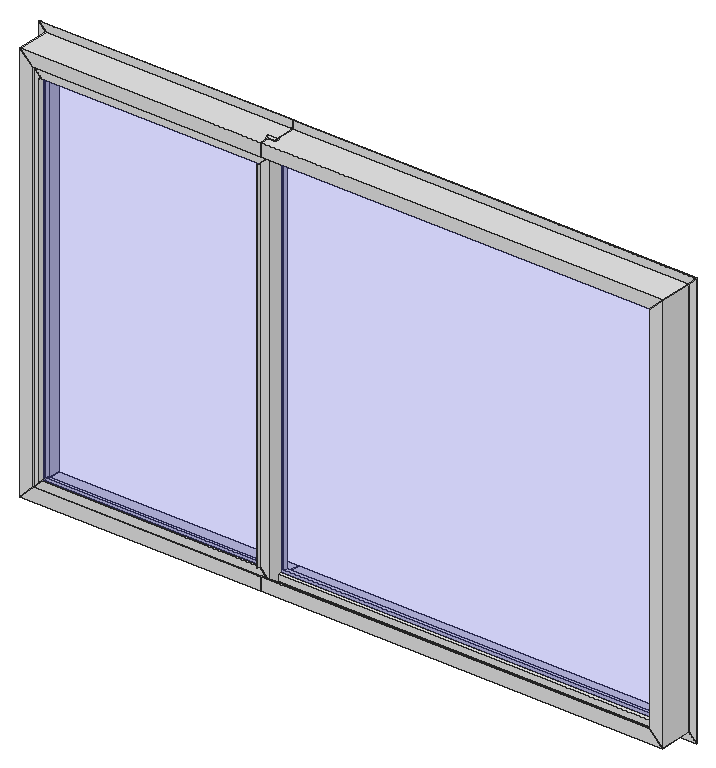
Revit family "531_OX_1-DBF_nailfin", category Windows, host Wall, Revit 2019
Family settings
  Host = Wall
  OmniClass Number = 23.30.20.00
  OmniClass Title = Windows
  Always vertical = Yes
  Cut with Voids When Loaded = No
  Shared = No
  Room Calculation Point = No
Parameters (values of type "96x60Max")
  Setback [instance] = 2"
  MLW2 = 1 / 2 * Bar Set  # 18"
  MLW = 1 / 8 * (Width - Bar Set)  # 7 1/2"
  Interior Color [instance] = White
  Height = 60"
  Exterior Color [instance] = White
  Default Sill Height = 31.49606"
  Wall Closure = By host
  Width = 96"
  Bar Set = 36"
Types (88): name | MLW2 | MLW | Height | Width | Bar Set
  (no name) | 18" | 7 1/2" | 60" | 96" | 36"
  36x24 | 9" | 2 1/4" | 24" | 36" | 18"
  60x48 | 15" | 3 3/4" | 48" | 60" | 30"
  24x12Min | 6" | 1 1/2" | 12" | 24" | 12"
  72x36 | 18" | 4 1/2" | 60" | 72" | 36"
  96x60Max | 18" | 7 1/2" | 60" | 96" | 36"
  48x36 | 12" | 3" | 36" | 48" | 24"
  84x48 | 18" | 6" | 48" | 84" | 36"
  24x18 | 6" | 1 1/2" | 18" | 24" | 12"
  24x24 | 6" | 1 1/2" | 24" | 24" | 12"
  24x30 | 6" | 1 1/2" | 30" | 24" | 12"
  24x36 | 6" | 1 1/2" | 36" | 24" | 12"
  24x42 | 6" | 1 1/2" | 42" | 24" | 12"
  30x12 | 6" | 2 1/4" | 12" | 30" | 12"
  30x18 | 6" | 2 1/4" | 18" | 30" | 12"
  30x24 | 6" | 2 1/4" | 24" | 30" | 12"
  30x30 | 6" | 2 1/4" | 30" | 30" | 12"
  30x36 | 6" | 2 1/4" | 36" | 30" | 12"
  30x42 | 6" | 2 1/4" | 42" | 30" | 12"
  30x48 | 6" | 2 1/4" | 48" | 30" | 12"
  30x54 | 6" | 2 1/4" | 54" | 30" | 12"
  30x60 | 6" | 2 1/4" | 60" | 30" | 12"
  36x12 | 9" | 2 1/4" | 12" | 36" | 18"
  36x18 | 9" | 2 1/4" | 18" | 36" | 18"
  36x30 | 9" | 2 1/4" | 30" | 36" | 18"
  36x36 | 9" | 2 1/4" | 36" | 36" | 18"
  36x42 | 9" | 2 1/4" | 42" | 36" | 18"
  36x48 | 9" | 2 1/4" | 48" | 36" | 18"
  36x54 | 9" | 2 1/4" | 54" | 36" | 18"
  36x60 | 9" | 2 1/4" | 60" | 36" | 18"
  42x12 | 9" | 3" | 12" | 42" | 18"
  42x18 | 9" | 3" | 18" | 42" | 18"
  42x24 | 9" | 3" | 24" | 42" | 18"
  42x30 | 9" | 3" | 30" | 42" | 18"
  42x36 | 9" | 3" | 36" | 42" | 18"
  42x42 | 9" | 3" | 42" | 42" | 18"
  42x48 | 9" | 3" | 48" | 42" | 18"
  42x54 | 9" | 3" | 54" | 42" | 18"
  42x60 | 9" | 3" | 60" | 42" | 18"
  48x12 | 12" | 3" | 12" | 48" | 24"
  48x18 | 12" | 3" | 18" | 48" | 24"
  48x24 | 12" | 3" | 24" | 48" | 24"
  48x30 | 12" | 3" | 30" | 48" | 24"
  48x42 | 12" | 3" | 42" | 48" | 24"
  48x48 | 12" | 3" | 48" | 48" | 24"
  48x54 | 12" | 3" | 54" | 48" | 24"
  48x60 | 12" | 3" | 60" | 48" | 24"
  54x18 | 12" | 3 3/4" | 18" | 54" | 24"
  54x24 | 12" | 3 3/4" | 24" | 54" | 24"
  54x30 | 12" | 3 3/4" | 30" | 54" | 24"
  54x36 | 12" | 3 3/4" | 36" | 54" | 24"
  54x42 | 12" | 3 3/4" | 42" | 54" | 24"
  54x48 | 12" | 3 3/4" | 48" | 54" | 24"
  54x54 | 12" | 3 3/4" | 54" | 54" | 24"
  54x60 | 12" | 3 3/4" | 60" | 54" | 24"
  60x24 | 15" | 3 3/4" | 24" | 60" | 30"
  60x30 | 15" | 3 3/4" | 30" | 60" | 30"
  60x36 | 15" | 3 3/4" | 36" | 60" | 30"
  60x42 | 15" | 3 3/4" | 42" | 60" | 30"
  60x54 | 15" | 3 3/4" | 54" | 60" | 30"
  60x60 | 15" | 3 3/4" | 60" | 60" | 30"
  66x36 | 15" | 4 1/2" | 36" | 66" | 30"
  66x42 | 15" | 4 1/2" | 42" | 66" | 30"
  66x48 | 15" | 4 1/2" | 48" | 66" | 30"
  66x54 | 15" | 4 1/2" | 54" | 66" | 30"
  66x60 | 15" | 4 1/2" | 60" | 66" | 30"
  72x42 | 18" | 4 1/2" | 42" | 72" | 36"
  72x48 | 18" | 4 1/2" | 48" | 72" | 36"
  72x54 | 18" | 4 1/2" | 54" | 72" | 36"
  72x60 | 18" | 4 1/2" | 60" | 72" | 36"
  78x36 | 18" | 5 1/4" | 36" | 78" | 36"
  78x42 | 18" | 5 1/4" | 42" | 78" | 36"
  78x48 | 18" | 5 1/4" | 48" | 78" | 36"
  78x54 | 18" | 5 1/4" | 54" | 78" | 36"
  78x60 | 18" | 5 1/4" | 60" | 78" | 36"
  84x36 | 18" | 6" | 36" | 84" | 36"
  84x42 | 18" | 6" | 42" | 84" | 36"
  84x54 | 18" | 6" | 54" | 84" | 36"
  84x60 | 18" | 6" | 60" | 84" | 36"
  90x36 | 18" | 6 3/4" | 36" | 90" | 36"
  90x42 | 18" | 6 3/4" | 42" | 90" | 36"
  90x48 | 18" | 6 3/4" | 48" | 90" | 36"
  90x54 | 18" | 6 3/4" | 54" | 90" | 36"
  90x60 | 18" | 6 3/4" | 60" | 90" | 36"
  96x36 | 18" | 7 1/2" | 36" | 96" | 36"
  96x42 | 18" | 7 1/2" | 42" | 96" | 36"
  96x48 | 18" | 7 1/2" | 48" | 96" | 36"
  96x54 | 18" | 7 1/2" | 54" | 96" | 36"
Reference planes (in)
  plane 1 "Center (Front/Back)": y = 0
  plane 2 "Center (Left/Right)": x = 0
  plane 3 "Left": x = -48
  plane 4 "Right": x = 48
  plane 5 "Sill": z = 31.49606
  plane 6 "Head": z = 91.49606
  plane 7 "Exterior": y = 3.93701
  plane 8 "Interior": y = -3.93701
  plane 9 "Front of wall": y = 3.93701
  plane 10 "Bar Set": x = -12
  plane 11: z = 34.04922
  plane 12: x = -45.48299
  plane 13: x = -11.87537
  plane 14: x = -11.3771
  plane 15: z = 88.9783
  plane 16: z = 90.10146
  plane 17: z = 32.89066
  plane 18: x = 46.6054
  plane 19: x = -11.25403
  plane 20 "Front of glass": y = 4.93055
  plane 21 "Setback": y = 1.93701
Forms (in)
  Extrusion 1, solid, material "White" <- "Interior Color"
    sketch origin (6, 0, 0) x (0, 0, -1) y (0, 1, 0)
      loop
        line (-31.49606, 1.93701) -> (-30.37106, 1.93701) -> (-30.37106, 2.01701) -> (-31.49606, 2.01701) -> (-31.49606, 3.01701) -> (-32.50653, 3.01701) -> (-32.7735, 0.47691) -> (-32.7735, -0.23299) -> (-32.64778, -0.23299) -> (-32.64778, -0.69299) -> (-33.39606, -0.69299) -> (-33.39606, -1.38299) -> (-34.49581, -1.38299) -> (-34.49581, -1.79649) -> (-34.05781, -1.79649) -> (-34.05781, -2.54049) -> (-34.55781, -2.54049) -> (-34.55781, -2.78227) -> (-33.39606, -2.78227) -> (-33.39606, -2.98299) -> (-31.49606, -2.98299) -> (-31.49606, 1.93701)
    from -17.14876 to -55.12494
  Extrusion 2, solid, material "White" <- "Interior Color"
    sketch origin (-12, 0, 0.07514) x (0, 0, -1) y (0, 1, 0)
      loop
        line (-91.42093, 1.93701) -> (-91.42093, -2.98299) -> (-89.52093, -2.98299) -> (-89.52093, -2.78299) -> (-88.35917, -2.78299) -> (-88.35917, -2.54049) -> (-88.85917, -2.54049) -> (-88.85917, -1.79649) -> (-88.42117, -1.79649) -> (-88.42117, -1.39309) -> (-89.52093, -1.39309) -> (-89.52093, -0.69299) -> (-90.26921, -0.69299) -> (-90.26921, -0.23299) -> (-90.14593, -0.23299) -> (-90.14593, 0.50013) -> (-90.41046, 3.01701) -> (-91.42093, 3.01701) -> (-91.42093, 2.01701) -> (-92.54593, 2.01701) -> (-92.54593, 1.93701) -> (-91.42093, 1.93701)
    from 0.87519 to -37.12494
  Extrusion 3, solid, material "White" <- "Interior Color"
    sketch origin (-12, 0, 0.07514) x (0, 0, -1) y (0, 1, 0)
      loop
        line (-91.42093, 1.93701) -> (-91.42093, -2.98299) -> (-89.52093, -2.98299) -> (-89.52093, -2.78299) -> (-90.39593, -2.78299) -> (-90.39593, -1.28299) -> (-89.52093, -1.28299) -> (-89.52093, -0.67049) -> (-90.02118, -0.67049) -> (-90.02118, 0.07351) -> (-89.58318, 0.07351) -> (-89.58318, 0.47691) -> (-90.14348, 0.47691) -> (-90.41046, 3.01701) -> (-91.42093, 3.01701) -> (-91.42093, 2.01701) -> (-92.54593, 2.01701) -> (-92.54593, 1.93701) -> (-91.42093, 1.93701)
    from 0 to 61.12494
  Extrusion 4, solid, material "White" <- "Interior Color"
    sketch origin (-12, 0, -0.07514) x (0, 0, -1) y (0, 1, 0)
      loop
        line (-31.5712, 1.93701) -> (-30.4462, 1.93701) -> (-30.4462, 2.01701) -> (-31.5712, 2.01701) -> (-31.5712, 3.01701) -> (-32.58167, 3.01701) -> (-32.84864, 0.47691) -> (-33.40895, 0.47691) -> (-33.40895, 0.07351) -> (-32.97095, 0.07351) -> (-32.97095, -0.67049) -> (-33.4712, -0.67049) -> (-33.4712, -1.28299) -> (-32.5962, -1.28299) -> (-32.5962, -2.78299) -> (-33.4712, -2.78299) -> (-33.4712, -2.98299) -> (-31.5712, -2.98299) -> (-31.5712, 1.93701)
    from 0 to 61.12494
  Extrusion 5, solid, material "White" <- "Interior Color"
    sketch origin (-0.07514, 0, 31.49606) x (0, -1, 0) y (1, 0, 0)
      loop
        line (-0.474, -46.64742) -> (-3.01701, -46.9149) -> (-3.01701, -47.92486) -> (-2.01701, -47.92486) -> (-2.01701, -49.05037) -> (-1.93701, -49.05037) -> (-1.93701, -47.92486) -> (2.98299, -47.92486) -> (2.98299, -46.02537) -> (2.78299, -46.02537) -> (2.78299, -44.97087) -> (3.15049, -44.97087) -> (3.22049, -44.90087) -> (2.54049, -44.90087) -> (2.54049, -45.36362) -> (1.79649, -45.36362) -> (1.79649, -44.92511) -> (1.38299, -44.92511) -> (1.38299, -46.02537) -> (0.69299, -46.02537) -> (0.69299, -46.77315) -> (0.23299, -46.77315) -> (0.23299, -46.64742) -> (-0.474, -46.64742)
    from -1.12494 to 61.12494
  Extrusion 6, solid, material "White" <- "Interior Color"
    sketch origin (0, 0, 31.49606) x (0, -1, 0) y (1, 0, 0)
      loop
        line (-0.07351, -11.3771) -> (-0.07351, -10.9404) -> (-0.47691, -10.9404) -> (-0.47691, -11.4686) -> (-0.48578, -11.50148) -> (-0.48578, -12.49852) -> (0.13238, -12.49852) -> (0.13238, -12.91229) -> (0.20716, -12.91229) -> (0.20716, -12.49852) -> (0.75553, -12.49852) -> (0.75553, -12.91229) -> (0.8303, -12.91229) -> (0.8303, -12.49852) -> (1.27897, -12.49852) -> (1.27897, -12.31207) -> (1.79649, -12.31207) -> (1.79649, -11.87537) -> (2.54049, -11.87537) -> (2.54049, -12.37389) -> (3.21865, -12.37389) -> (3.14886, -12.3041) -> (2.77452, -12.3041) -> (2.77452, -10.87834) -> (0.67049, -10.87834) -> (0.67049, -11.3771) -> (-0.07351, -11.3771)
    from 0 to 60
  Sweep 7, void
    path in 3D
      loop
        line (46.06142, 5.44341, 91.49606) -> (46.06142, -0.01092, 91.49606)
    profile origin (46.06142, 2.71624, 91.49606) x (1, 0, 0) y (0, 0, 1)
      loop
        line (4.10628, 2.1677) -> (-0.24862, 2.1677) -> (-0.24862, -1.83775) -> (0.66114, -1.83775) -> (0.66114, -1.27744) -> (4.10628, 2.1677)
  Sweep 8, void
    path in 3D
      loop
        line (46.06142, 5.44341, 91.49606) -> (46.06142, -0.01092, 91.49606)
    profile origin (46.06142, 2.71624, 91.49606) x (1, 0, 0) y (0, 0, 1)
      loop
        line (0.66114, -1.27744) -> (0.66114, -2) -> (3.91736, -2) -> (3.91736, 1.97878) -> (0.66114, -1.27744)
  Extrusion 9, solid, material "White" <- "Interior Color"
    sketch origin (0, 0, 31.49606) x (0, -1, 0) y (1, 0, 0)
      loop
        line (-0.47691, 46.72256) -> (-0.47691, 46.16225) -> (-0.07351, 46.16225) -> (-0.07351, 46.60025) -> (0.67049, 46.60025) -> (0.67049, 46.1) -> (1.28299, 46.1) -> (1.28299, 46.975) -> (2.78299, 46.975) -> (2.78299, 46.1) -> (2.98299, 46.1) -> (2.98299, 48) -> (-1.93701, 48) -> (-1.93701, 49.125) -> (-2.01701, 49.125) -> (-2.01701, 48) -> (-3.01701, 48) -> (-3.01701, 46.98953) -> (-0.47691, 46.72256)
    from -1.12494 to 61.12494
  Sweep 10, void
    path in 3D
      loop
        line (-13.19179, 4.90926, 91.49606) -> (-13.19179, -1.09074, 91.49606)
    profile origin (-13.19179, 1.90926, 91.49606) x (1, 0, 0) y (0, 0, 1)
      loop
        line (1.69031, -3.31946) -> (1.69031, -1.27744) -> (1.93776, -1.27744) -> (1.93776, 2.09797) -> (0.2795, 2.09797) -> (0.2795, -3.31946) -> (1.69031, -3.31946)
  Sweep 11, void
    path in 3D
      loop
        line (-13.19179, 4.90926, 91.49606) -> (-13.19179, -1.09074, 91.49606)
    profile origin (-13.19179, 1.90926, 91.49606) x (1, 0, 0) y (0, 0, 1)
      loop
        line (1.72319, -1.275) -> (1.72319, -1.83775) -> (2.3132, -1.83775) -> (2.3132, 1.47878) -> (0.07683, 1.47878) -> (0.07683, -1.275) -> (1.72319, -1.275)
  Sweep 12, void
    path in 3D
      loop
        line (-46.64198, 6.04333, 91.49606) -> (-46.64198, -1.5, 91.49606)
    profile origin (-46.64198, 2.27166, 91.49606) x (1, 0, 0) y (0, 0, 1)
      loop
        line (-2.85802, 1.5) -> (2.17752, -3.53553) -> (2.17752, 1.5) -> (-2.85802, 1.5)
  Sweep 13, void
    path in 3D
      loop
        line (-46.64198, 6.04333, 91.49606) -> (-46.64198, -1.5, 91.49606)
    profile origin (-46.64198, 2.27166, 91.49606) x (1, 0, 0) y (0, 0, 1)
      loop
        line (-3.2193, 1.86128) -> (-3.2193, -3.45917) -> (2.10115, -3.45917) -> (-3.2193, 1.86128)
  Sweep 14, void
    path in 3D
      loop
        line (-46.05033, 4.96713, 31.49606) -> (-46.05033, -1.89191, 31.49606)
    profile origin (-46.05033, 1.53761, 31.49606) x (1, 0, 0) y (0, 0, 1)
      loop
        line (-3.69967, -1.75) -> (1.67098, -1.75) -> (1.67098, 3.62064) -> (-3.69967, -1.75)
  Sweep 15, void
    path in 3D
      loop
        line (-46.05033, 4.96713, 31.49606) -> (-46.05033, -1.89191, 31.49606)
    profile origin (-46.05033, 1.53761, 31.49606) x (1, 0, 0) y (0, 0, 1)
      loop
        line (-3.68983, -1.74016) -> (1.7121, 3.66177) -> (-3.68983, 3.66177) -> (-3.68983, -1.74016)
  Sweep 16, void
    path in 3D
      loop
        line (-12.69179, 5.15926, 31.49606) -> (-12.69179, -1.09074, 31.49606)
    profile origin (-12.69179, 2.03426, 31.49606) x (1, 0, 0) y (0, 0, 1)
      loop
        line (1.19031, 1.27744) -> (1.19031, 1.99547) -> (-0.2205, 1.99547) -> (-0.2205, -1.72878) -> (1.54303, -1.72878) -> (1.54303, 1.27744) -> (1.19031, 1.27744)
  Sweep 17, void
    path in 3D
      loop
        line (-12.69179, 5.15926, 31.49606) -> (-12.69179, -1.09074, 31.49606)
    profile origin (-12.69179, 2.03426, 31.49606) x (1, 0, 0) y (0, 0, 1)
      loop
        line (1.8132, 1.83775) -> (1.22319, 1.83775) -> (1.22319, 1.27744) -> (-0.41456, 1.27744) -> (-0.41456, -1.34849) -> (1.8132, -1.34849) -> (1.8132, 1.83775)
  Sweep 18, void
    path in 3D
      loop
        line (46.34821, 4.85039, 31.49606) -> (46.34821, -0.14961, 31.49606)
    profile origin (46.34821, 2.35039, 31.49606) x (1, 0, 0) y (0, 0, 1)
      loop
        line (3.06949, -1.4177) -> (0.37435, 1.27744) -> (0.37435, 1.83775) -> (-0.68319, 1.83775) -> (-0.68319, -1.4177) -> (3.06949, -1.4177)
  Sweep 19, void
    path in 3D
      loop
        line (46.34821, 4.85039, 31.49606) -> (46.34821, -0.14961, 31.49606)
    profile origin (46.34821, 2.35039, 31.49606) x (1, 0, 0) y (0, 0, 1)
      loop
        line (3.38057, -1.72878) -> (3.38057, 2.17928) -> (0.37435, 2.17928) -> (0.37435, 1.27744) -> (3.38057, -1.72878)
  Extrusion 20, void
    sketch origin (0, 3.93701, 0) x (1, 0, 0) y (0, 0, 1)
      loop
        line (-49.74016, 93.23622) -> (-49.74016, 87.60698) -> (-44.11091, 87.60698) -> (-49.74016, 93.23622)
    from 5.43701 to 9.5793
  Extrusion 21, void
    sketch origin (0, 3.93701, 0) x (1, 0, 0) y (0, 0, 1)
      loop
        line (-50.25, 93.74606) -> (-44.51042, 88.00648) -> (-44.51042, 93.74606) -> (-50.25, 93.74606)
    from 5.43701 to 10.37312
  Extrusion 22, void
    sketch origin (0, 3.93701, 0) x (1, 0, 0) y (0, 0, 1)
      loop
        line (-44.44678, 35.04979) -> (-49.74065, 35.04979) -> (-49.74065, 29.75591) -> (-44.44678, 35.04979)
    from 5.82891 to 10.02414
  Extrusion 23, void
    sketch origin (0, 3.93701, 0) x (1, 0, 0) y (0, 0, 1)
      loop
        line (-43.94653, 35.54953) -> (-50, 29.49606) -> (-43.94653, 29.49606) -> (-43.94653, 35.54953)
    from 5.82891 to 9.71922
  Extrusion 24, void
    sketch origin (0, 3.93701, 0) x (1, 0, 0) y (0, 0, 1)
      loop
        line (-10.00403, 30.64043) -> (-10.00403, 34.8922) -> (-12.70828, 34.8922) -> (-11.21214, 33.39606) -> (-12, 33.39606) -> (-12, 30.64043) -> (-10.00403, 30.64043)
    from 5.6127 to 9.39367
  Extrusion 25, void
    sketch origin (0, 3.93701, 0) x (1, 0, 0) y (0, 0, 1)
      loop
        line (-11.05198, 91.6017) -> (-12, 91.6017) -> (-12, 89.59606) -> (-11.21214, 89.59606) -> (-12.86781, 87.94039) -> (-11.05198, 87.94039) -> (-11.05198, 91.6017)
    from 5.59231 to 10.59589
  Extrusion 26, void
    sketch origin (0, 3.93701, 0) x (1, 0, 0) y (0, 0, 1)
      loop
        line (-11.21214, 89.59606) -> (-9.75795, 89.59606) -> (-9.75795, 91.86079) -> (-13.00795, 91.86079) -> (-13.00795, 87.80025) -> (-11.21214, 89.59606)
    from 5.59231 to 9.9468
  Extrusion 27, void
    sketch origin (0, 3.93701, 0) x (1, 0, 0) y (0, 0, 1)
      loop
        line (45.78932, 89.28538) -> (49.74016, 89.28538) -> (49.74016, 93.23622) -> (45.78932, 89.28538)
    from 3.94793 to 10.28062
  Extrusion 28, void
    sketch origin (0, 3.93701, 0) x (1, 0, 0) y (0, 0, 1)
      loop
        line (49.75, 93.24606) -> (45.7019, 93.24606) -> (45.7019, 89.19797) -> (49.75, 93.24606)
    from 3.94793 to 9.02308
  Extrusion 29, void
    sketch origin (0, 3.93701, 0) x (1, 0, 0) y (0, 0, 1)
      loop
        line (45.70248, 33.79358) -> (45.70248, 29.67093) -> (49.82514, 29.67093) -> (45.70248, 33.79358)
    from 4.08661 to 10.77329
  Extrusion 30, void
    sketch origin (0, 3.93701, 0) x (1, 0, 0) y (0, 0, 1)
      loop
        line (50.00984, 29.48622) -> (50.00984, 33.86489) -> (45.63117, 33.86489) -> (50.00984, 29.48622)
    from 4.08661 to 10.09293
  Extrusion 31, solid, material "Glass"
    sketch origin (0, 0, 31.49606) x (0, -1, 0) y (1, 0, 0)
      loop
        line (2.54049, -45.43875) -> (2.54049, -11.87537) -> (1.79649, -11.87537) -> (1.79649, -45.43875) -> (2.54049, -45.43875)
    from 2.55315 to 57.43825
  Extrusion 32, solid, material "Glass"
    sketch origin (0, 0, 31.49606) x (0, -1, 0) y (1, 0, 0)
      loop
        line (0.67049, -11.3771) -> (0.67049, 46.6054) -> (-0.07351, 46.6054) -> (-0.07351, -11.3771) -> (0.67049, -11.3771)
    from 1.3946 to 58.6054
  Extrusion 33, void
    sketch origin (0, 3.93701, 0) x (1, 0, 0) y (0, 0, 1)
      loop
        line (-13.38581, 35.56974) -> (-13.38581, 31.14043) -> (-12, 31.14043) -> (-12, 33.39606) -> (-11.21214, 33.39606) -> (-13.38581, 35.56974)
    from 5.6127 to 10.37874
Cuts and joins
  Sweep 8, Sweep 10, Extrusion 27 cuts Extrusion 3
  Sweep 7, Sweep 18, Extrusion 28, Extrusion 29 cuts Extrusion 9
  Sweep 13, Extrusion 20, Extrusion 25 cuts Extrusion 2
  Sweep 11, Sweep 17, Extrusion 26, Extrusion 33 cuts Extrusion 6
  Sweep 12, Sweep 14, Extrusion 21, Extrusion 23 cuts Extrusion 5
  Sweep 15, Extrusion 22, Extrusion 24 cuts Extrusion 1
  Sweep 16, Sweep 19, Extrusion 30 cuts Extrusion 4
Lines and regions (in)
  Opening 1
    outline origin (137.79528, -3.93701, 0) x (1, 0, 0) y (0, 0, 1)
      loop
        line (-89.79528, 31.49606) -> (-89.79528, 91.49606) -> (-185.79528, 91.49606) -> (-185.79528, 31.49606) -> (-89.79528, 31.49606)
  reference lines
    curve 1: line (-46.64198, 6.04333, 91.49606) -> (-46.64198, -1.5, 91.49606)
    curve 2: line (-46.05033, 4.96713, 31.49606) -> (-46.05033, -1.89191, 31.49606)
    curve 3: line (-13.19179, 4.90926, 91.49606) -> (-13.19179, -1.09074, 91.49606)
    curve 4: line (-12.69179, 5.15926, 31.49606) -> (-12.69179, -1.09074, 31.49606)
    curve 5: line (46.06142, 5.44341, 91.49606) -> (46.06142, -0.01092, 91.49606)
    curve 6: line (46.34821, 4.85039, 31.49606) -> (46.34821, -0.14961, 31.49606)
    curve 22: line (20.5, 4.93055, 63.99606) -> (15.5, 4.93055, 63.99606)
    curve 23: line (20.5, 4.93055, 58.99606) -> (20.5, 4.93055, 63.99606)
    curve 24: line (15.5, 4.93055, 58.99606) -> (20.5, 4.93055, 58.99606)
    curve 25: line (15.5, 4.93055, 63.99606) -> (15.5, 4.93055, 58.99606)
    curve 29: line (18, 4.93055, 58.99606) -> (18, 4.93055, 65.49606)
    curve 30: line (20.5, 4.93055, 61.49606) -> (13, 4.93055, 61.49606)
    curve 34: line (20.5, 0, 63.99606) -> (15.5, 0, 63.99606)
    curve 35: line (20.5, 0, 58.99606) -> (20.5, 0, 63.99606)
    curve 36: line (15.5, 0, 58.99606) -> (20.5, 0, 58.99606)
    curve 37: line (15.5, 0, 63.99606) -> (15.5, 0, 58.99606)
    curve 38: line (18, 0, 58.99606) -> (18, 0, 66.49606)
    curve 39: line (20.5, 0, 61.49606) -> (13.5, 0, 61.49606)
  sketch lines
    curve 7: line (46.06142, 5.44341, 91.49606) -> (46.06142, -0.01092, 91.49606)
    curve 8: line (46.06142, 5.44341, 91.49606) -> (46.06142, -0.01092, 91.49606)
    curve 9: line (-13.19179, 4.90926, 91.49606) -> (-13.19179, -1.09074, 91.49606)
    curve 10: line (-13.19179, 4.90926, 91.49606) -> (-13.19179, -1.09074, 91.49606)
    curve 11: line (-46.64198, 6.04333, 91.49606) -> (-46.64198, -1.5, 91.49606)
    curve 12: line (-46.64198, 6.04333, 91.49606) -> (-46.64198, -1.5, 91.49606)
    curve 13: line (-46.05033, 4.96713, 31.49606) -> (-46.05033, -1.89191, 31.49606)
    curve 14: line (-46.05033, 4.96713, 31.49606) -> (-46.05033, -1.89191, 31.49606)
    curve 15: line (-12.69179, 5.15926, 31.49606) -> (-12.69179, -1.09074, 31.49606)
    curve 16: line (-12.69179, 5.15926, 31.49606) -> (-12.69179, -1.09074, 31.49606)
    curve 17: line (46.34821, 4.85039, 31.49606) -> (46.34821, -0.14961, 31.49606)
    curve 18: line (46.34821, 4.85039, 31.49606) -> (46.34821, -0.14961, 31.49606)
  model lines
    curve 19: line (-14.73113, 1.93701, 61.49606) -> (-44.23113, 1.93701, 61.49606)
    curve 20: line (-14.73113, 1.93701, 61.49606) -> (-20.03443, 1.93701, 66.79936)
    curve 21: line (-14.73113, 1.93701, 61.49606) -> (-20.03443, 1.93701, 56.19276)
    curve 26: line (20.5, 1.93701, 63.99606) -> (15.5, 1.93701, 58.99606)
    curve 27: line (15.5, 1.93701, 61.49606) -> (18, 1.93701, 63.99606)
    curve 28: line (18, 1.93701, 58.99606) -> (20.5, 1.93701, 61.49606)
  symbolic lines
    curve 31: line (-14.73113, 3.93701, 61.49606) -> (-44.23113, 3.93701, 61.49606)
    curve 32: line (-14.73113, 3.93701, 61.49606) -> (-20.03443, 3.93701, 66.79936)
    curve 33: line (-14.73113, 3.93701, 61.49606) -> (-20.03443, 3.93701, 56.19276)
    curve 40: line (18, 0, 58.99606) -> (20.5, 0, 61.49606)
    curve 41: line (18, 0, 63.99606) -> (15.5, 0, 61.49606)
    curve 42: line (15.5, 4.93055, 58.99606) -> (20.5, 4.93055, 63.99606)
Text (in)
  text "EXTERIOR" at (-77.29147, 52.45485, 0), in view "Ref. Level"
  text "INTERIOR" at (-78.01048, -32.21994, 0), in view "Ref. Level"
  text "Exterior" at (0, 36.36817, 115.8778), in view "Right"
  text "Exterior" at (0, 40.96394, 105.72475), in view "Left"
Dimensions and locks (in)
  equal spacing: plane 3 "Left", plane 2 "Center (Left/Right)", plane 4 "Right"
  "Width": plane 3 "Left" to plane 4 "Right"
  "Height": plane 5 "Sill" to plane 6 "Head"
  "Default Sill Height": plane 5 "Sill" to level
  locked: plane 7 "Exterior" to host wall at 0
  locked: plane 8 "Interior" to host wall
  "Bar Set": plane 10 "Bar Set" to plane 3 "Left"
  locked: plane 5 "Sill" to plane 11 at 2.55315
  locked: plane 10 "Bar Set" to plane 14 at 0.6229
  locked: plane 10 "Bar Set" to plane 13 at 0.12463
  locked: plane 3 "Left" to plane 12 at 2.51701
  locked: Extrusion 6 sketch curve to plane 10 "Bar Set" at 0.49852  (x3)
  locked: Extrusion 6 sketch curve to Extrusion 6 sketch curve at 1.42576
  locked: plane 15 to plane 6 "Head" at 2.51776
  locked: plane 16 to plane 6 "Head" at 1.3946
  locked: plane 5 "Sill" to plane 17 at 1.3946
  locked: plane 18 to plane 4 "Right" at 1.3946
  locked: plane 19 to plane 10 "Bar Set" at 0.74597
  plane 5 "Sill" to plane 6 "Head" = 60"  (x2)
  equal spacing: plane 5 "Sill", curve 19, plane 6 "Head"
  locked: plane 20 "Front of glass" to plane 9 "Front of wall" at 0.99354
  plane 10 "Bar Set" to plane 4 "Right" = 60"
  "MLW": curve 21 to curve 20
  "MLW": curve 21 to curve 21
  locked: plane 10 "Bar Set" to curve 21 at 2.73113
  locked: plane 3 "Left" to curve 19 at 3.76887
  equal spacing: curve 27, curve 26, curve 28
  locked: curve 23 to curve 25 at 5
  locked: curve 24 to curve 22 at 5
  equal spacing: curve 25, curve 29, curve 23
  equal spacing: curve 24, curve 30, curve 22
  equal spacing: plane 5 "Sill", curve 30, plane 6 "Head"
  equal spacing: plane 10 "Bar Set", curve 29, plane 4 "Right"
  locked: curve 35 to curve 37 at 5
  locked: curve 36 to curve 34 at 5
  equal spacing: curve 37, curve 38, curve 35
  equal spacing: curve 36, curve 39, curve 34
  locked: curve 37 to curve 41 at 2.5
  locked: curve 37 to curve 40 at 2.5
  locked: curve 40 to curve 36 at 2.5
  locked: curve 41 to curve 36 at 2.5
  equal spacing: plane 6 "Head", curve 39, plane 5 "Sill"
  equal spacing: plane 10 "Bar Set", curve 38, plane 4 "Right"
  locked: Sweep 17 sketch curve to plane 5 "Sill" at 1.34849
  locked: plane 5 "Sill" to Sweep 17 sketch curve at 1.27744
  locked: plane 5 "Sill" to Sweep 17 sketch curve at 1.83775
  locked: plane 10 "Bar Set" to Sweep 17 sketch curve at 1.10635
  locked: Sweep 17 sketch curve to plane 10 "Bar Set" at 0.5314
  locked: Sweep 17 sketch curve to plane 10 "Bar Set" at 1.12141
  Sweep 16 sketch curve to plane 10 "Bar Set" = 0.85124"
  locked: plane 10 "Bar Set" to Sweep 16 sketch curve at 0.91229
  locked: Sweep 16 sketch curve to plane 10 "Bar Set" at 0.49852
  locked: Sweep 16 sketch curve to plane 5 "Sill" at 1.72878
  locked: plane 5 "Sill" to Sweep 16 sketch curve at 1.99547
  locked: plane 5 "Sill" to Sweep 16 sketch curve at 1.27744
  locked: plane 6 "Head" to Sweep 10 sketch curve at 2.09797
  locked: Sweep 10 sketch curve to plane 6 "Head" at 3.31946
  locked: Sweep 10 sketch curve to plane 6 "Head" at 1.27744
  locked: plane 10 "Bar Set" to Sweep 10 sketch curve at 0.91229
  locked: Sweep 10 sketch curve to plane 10 "Bar Set" at 0.74597
  locked: Sweep 10 sketch curve to plane 10 "Bar Set" at 0.49852
  locked: Sweep 11 sketch curve to plane 10 "Bar Set" at 1.12141
  locked: plane 10 "Bar Set" to Sweep 11 sketch curve at 1.11496
  locked: Sweep 11 sketch curve to plane 10 "Bar Set" at 0.5314
  locked: plane 6 "Head" to Sweep 11 sketch curve at 1.47878
  locked: Sweep 11 sketch curve to plane 6 "Head" at 1.83775
  locked: Sweep 11 sketch curve to plane 6 "Head" at 1.275
  locked: cut or joined group of Extrusion 3, Sweep 8, Sweep 10, Extrusion 27 to plane 4 "Right" at 1.12494
  locked: plane 6 "Head" to cut or joined group of Sweep 7, Extrusion 9, Sweep 18, Extrusion 28, Extrusion 29 at 1.12494
  locked: plane 6 "Head" to cut or joined group of Extrusion 5, Sweep 12, Sweep 14, Extrusion 21, Extrusion 23 at 1.12494
  locked: cut or joined group of Extrusion 2, Sweep 13, Extrusion 20, Extrusion 25 to plane 3 "Left" at 1.12494
  locked: cut or joined group of Extrusion 1, Sweep 15, Extrusion 22, Extrusion 24 to plane 3 "Left" at 1.12494
  locked: cut or joined group of Extrusion 5, Sweep 12, Sweep 14, Extrusion 21, Extrusion 23 to plane 5 "Sill" at 1.12494
  locked: cut or joined group of Sweep 7, Extrusion 9, Sweep 18, Extrusion 28, Extrusion 29 to plane 5 "Sill" at 1.12494
  locked: plane 4 "Right" to cut or joined group of Extrusion 4, Sweep 16, Sweep 19, Extrusion 30 at 1.12494
  locked: Extrusion 6 sketch curve to plane 10 "Bar Set" at 0.91229  (x2)
  locked: Extrusion 6 sketch curve to plane 10 "Bar Set" at 0.31207
  locked: plane 10 "Bar Set" to Extrusion 6 sketch curve at 0.12463
  locked: Extrusion 6 sketch curve to plane 10 "Bar Set" at 0.37389
  locked: plane 10 "Bar Set" to Extrusion 6 sketch curve at 1.12166
  locked: plane 10 "Bar Set" to Extrusion 6 sketch curve at 0.6229
  plane 10 "Bar Set" to Extrusion 6 sketch curve = 1.0596"
  locked: plane 10 "Bar Set" to Extrusion 6 sketch curve at 1.0596
  locked: Extrusion 26 sketch curve to plane 10 "Bar Set" at 2.24205
  locked: plane 10 "Bar Set" to Extrusion 26 sketch curve at 1.00795
  locked: Extrusion 26 sketch curve to plane 10 "Bar Set" at 0.78786
  locked: Extrusion 26 sketch curve to plane 6 "Head" at 0.36472
  locked: plane 6 "Head" to Extrusion 26 sketch curve at 1.9
  locked: Extrusion 25 sketch curve to plane 10 "Bar Set" at 0.94802
  locked: plane 10 "Bar Set" to Extrusion 25 sketch curve at 0.86781
  locked: Extrusion 25 sketch curve to plane 10 "Bar Set" at 0.78786
  locked: Extrusion 25 sketch curve to plane 6 "Head" at 0.10564
  locked: plane 6 "Head" to Extrusion 25 sketch curve at 1.9
  locked: plane 6 "Head" to Extrusion 25 sketch curve at 3.55567
  locked: Extrusion 33 sketch curve to plane 10 "Bar Set" at 0.78786
  locked: plane 10 "Bar Set" to Extrusion 33 sketch curve at 1.38581
  locked: plane 5 "Sill" to Extrusion 33 sketch curve at 0.35564
  locked: Extrusion 33 sketch curve to plane 5 "Sill" at 1.9
  locked: Extrusion 33 sketch curve to plane 5 "Sill" at 4.07368
  locked: Extrusion 24 sketch curve to plane 10 "Bar Set" at 1.99597
  locked: Extrusion 24 sketch curve to plane 10 "Bar Set" at 0.78786
  locked: plane 10 "Bar Set" to Extrusion 24 sketch curve at 0.70828
  locked: Extrusion 24 sketch curve to plane 5 "Sill" at 3.39614
  locked: plane 5 "Sill" to Extrusion 24 sketch curve at 0.85564
  locked: Extrusion 24 sketch curve to plane 5 "Sill" at 1.9
  locked: Extrusion 9 sketch curve to plane 4 "Right" at 1.9  (x2)
  locked: Extrusion 9 sketch curve to plane 4 "Right" at 1.83775
  locked: plane 3 "Left" to Extrusion 5 sketch curve at 2.99975
  locked: plane 3 "Left" to Extrusion 5 sketch curve at 3.02399
  locked: plane 3 "Left" to Extrusion 5 sketch curve at 2.95399
  locked: plane 3 "Left" to Extrusion 5 sketch curve at 1.89949
  locked: Extrusion 2 sketch curve to plane 6 "Head" at 3.06175
  locked: Extrusion 2 sketch curve to plane 6 "Head" at 2.99975
  locked: Extrusion 2 sketch curve to plane 6 "Head" at 2.56175
  locked: plane 5 "Sill" to Extrusion 1 sketch curve at 2.99975
  locked: plane 5 "Sill" to Extrusion 1 sketch curve at 3.06175
  locked: plane 5 "Sill" to Extrusion 1 sketch curve at 2.56175
  locked: plane 5 "Sill" to Extrusion 1 sketch curve at 1.9  (x2)
  locked: Extrusion 3 sketch curve to plane 6 "Head" at 1.9  (x2)
  locked: Extrusion 3 sketch curve to plane 6 "Head" at 1.025
  locked: Extrusion 3 sketch curve to plane 6 "Head" at 1.39975
  locked: plane 5 "Sill" to Extrusion 4 sketch curve at 1.9  (x2)
  locked: plane 5 "Sill" to Extrusion 4 sketch curve at 1.83775
  locked: plane 5 "Sill" to Extrusion 4 sketch curve at 1.025
  curve 4 to plane 9 "Front of wall" = 5.02774"
  curve 1 to plane 9 "Front of wall" = 5.43701"
  locked: cut or joined group of Extrusion 1, Sweep 15, Extrusion 22, Extrusion 24 to plane 10 "Bar Set" at 0.85124
  locked: plane 6 "Head" to Extrusion 31 at 2.56175
  "Setback": plane 21 "Setback" to plane 9 "Front of wall"
  locked: Extrusion 5 sketch curve to plane 21 "Setback" at 0.08
  locked: Extrusion 5 sketch curve to plane 21 "Setback" at 1.08
  locked: plane 21 "Setback" to Extrusion 5 sketch curve at 1.46301
  locked: plane 21 "Setback" to Extrusion 5 sketch curve at 2.17
  locked: plane 21 "Setback" to Extrusion 5 sketch curve at 2.63
  locked: plane 21 "Setback" to Extrusion 5 sketch curve at 3.32
  locked: plane 21 "Setback" to Extrusion 5 sketch curve at 3.7335
  locked: plane 21 "Setback" to Extrusion 5 sketch curve at 4.4775
  locked: plane 21 "Setback" to Extrusion 5 sketch curve at 4.72
  locked: plane 21 "Setback" to Extrusion 5 sketch curve at 4.92
  locked: plane 21 "Setback" to Extrusion 5 sketch curve at 5.0875
  locked: plane 21 "Setback" to Extrusion 5 sketch curve at 5.1575
  locked: Extrusion 9 sketch curve to plane 21 "Setback" at 0.08
  locked: Extrusion 9 sketch curve to plane 21 "Setback" at 1.08
  locked: plane 21 "Setback" to Extrusion 9 sketch curve at 1.46009
  locked: plane 21 "Setback" to Extrusion 9 sketch curve at 1.8635
  locked: plane 21 "Setback" to Extrusion 9 sketch curve at 2.6075
  locked: plane 21 "Setback" to Extrusion 9 sketch curve at 3.22
  locked: plane 21 "Setback" to Extrusion 9 sketch curve at 4.72
  locked: plane 21 "Setback" to Extrusion 9 sketch curve at 4.92
  locked: cut or joined group of Sweep 7, Extrusion 9, Sweep 18, Extrusion 28, Extrusion 29 to plane 21 "Setback" at 0.08
  locked: Extrusion 2 sketch curve to plane 21 "Setback" at 1.08
  locked: Extrusion 2 sketch curve to plane 21 "Setback" at 0.08
  locked: plane 21 "Setback" to Extrusion 2 sketch curve at 1.43688
  locked: plane 21 "Setback" to Extrusion 2 sketch curve at 2.17
  locked: plane 21 "Setback" to Extrusion 2 sketch curve at 2.63
  locked: plane 21 "Setback" to Extrusion 2 sketch curve at 3.33009
  locked: plane 21 "Setback" to Extrusion 2 sketch curve at 3.7335
  locked: plane 21 "Setback" to Extrusion 2 sketch curve at 4.4775
  locked: plane 21 "Setback" to Extrusion 2 sketch curve at 4.72
  locked: plane 21 "Setback" to Extrusion 2 sketch curve at 4.92
  locked: Extrusion 3 sketch curve to plane 21 "Setback" at 0.08
  locked: Extrusion 3 sketch curve to plane 21 "Setback" at 1.08
  locked: plane 21 "Setback" to Extrusion 3 sketch curve at 1.46009
  locked: plane 21 "Setback" to Extrusion 3 sketch curve at 1.8635
  locked: plane 21 "Setback" to Extrusion 3 sketch curve at 2.6075
  locked: plane 21 "Setback" to Extrusion 3 sketch curve at 3.22
  locked: plane 21 "Setback" to Extrusion 3 sketch curve at 4.72
  locked: plane 21 "Setback" to Extrusion 3 sketch curve at 4.92
  locked: Extrusion 1 sketch curve to plane 21 "Setback" at 0.08
  locked: Extrusion 1 sketch curve to plane 21 "Setback" at 1.08
  locked: plane 21 "Setback" to Extrusion 1 sketch curve at 1.46009
  locked: plane 21 "Setback" to Extrusion 1 sketch curve at 2.17
  locked: plane 21 "Setback" to Extrusion 1 sketch curve at 2.63
  locked: plane 21 "Setback" to Extrusion 1 sketch curve at 3.32
  locked: plane 21 "Setback" to Extrusion 1 sketch curve at 3.7335
  locked: plane 21 "Setback" to Extrusion 1 sketch curve at 4.4775
  locked: plane 21 "Setback" to Extrusion 1 sketch curve at 4.71928
  locked: plane 21 "Setback" to Extrusion 1 sketch curve at 4.92
  locked: Extrusion 4 sketch curve to plane 21 "Setback" at 0.08
  locked: Extrusion 4 sketch curve to plane 21 "Setback" at 1.08
  locked: plane 21 "Setback" to Extrusion 4 sketch curve at 1.46009
  locked: plane 21 "Setback" to Extrusion 4 sketch curve at 1.8635
  locked: plane 21 "Setback" to Extrusion 4 sketch curve at 2.6075
  locked: plane 21 "Setback" to Extrusion 4 sketch curve at 3.22
  locked: plane 21 "Setback" to Extrusion 4 sketch curve at 4.72
  locked: plane 21 "Setback" to Extrusion 4 sketch curve at 4.92
  locked: Extrusion 32 sketch curve to plane 21 "Setback" at 1.8635
  locked: Extrusion 32 sketch curve to plane 21 "Setback" at 2.6075
  locked: Extrusion 31 sketch curve to plane 21 "Setback" at 3.7335
  locked: Extrusion 31 sketch curve to plane 21 "Setback" at 4.4775
  locked: plane 21 "Setback" to Extrusion 6 sketch curve at 1.45123
  locked: plane 21 "Setback" to Extrusion 6 sketch curve at 1.46009
  locked: plane 21 "Setback" to Extrusion 6 sketch curve at 2.06939
  locked: plane 21 "Setback" to Extrusion 6 sketch curve at 2.14416
  locked: plane 21 "Setback" to Extrusion 6 sketch curve at 1.8635
  locked: plane 21 "Setback" to Extrusion 6 sketch curve at 2.6075
  locked: plane 21 "Setback" to Extrusion 6 sketch curve at 2.69253
  locked: plane 21 "Setback" to Extrusion 6 sketch curve at 2.76731
  locked: plane 21 "Setback" to Extrusion 6 sketch curve at 3.21598
  locked: plane 21 "Setback" to Extrusion 6 sketch curve at 3.7335
  locked: plane 21 "Setback" to Extrusion 6 sketch curve at 4.4775
  locked: plane 21 "Setback" to Extrusion 6 sketch curve at 4.71153
  locked: plane 21 "Setback" to Extrusion 6 sketch curve at 5.08586
  locked: plane 21 "Setback" to Extrusion 6 sketch curve at 5.15566
  plane 21 "Setback" to curve 2 = 3.82891"
  curve 2 to plane 21 "Setback" = 3.03012"
  locked: plane 21 "Setback" to curve 4 at 3.02774
  locked: curve 4 to plane 21 "Setback" at 3.22226
  locked: plane 21 "Setback" to curve 6 at 2.08661
  locked: curve 6 to plane 21 "Setback" at 2.91339
  locked: plane 21 "Setback" to Extrusion 30 at 2.08661
  locked: plane 21 "Setback" to Extrusion 29 at 2.08661
  locked: plane 21 "Setback" to Extrusion 30 at 8.09293
  locked: plane 21 "Setback" to Extrusion 29 at 8.77329
  locked: plane 21 "Setback" to Extrusion 24 at 3.6127
  locked: plane 21 "Setback" to Extrusion 33 at 3.6127
  locked: plane 21 "Setback" to Extrusion 24 at 7.39367
  locked: plane 21 "Setback" to Extrusion 33 at 8.37874
  locked: plane 21 "Setback" to Extrusion 22 at 8.02414
  locked: Extrusion 23 to plane 21 "Setback" at 7.71922
  locked: plane 21 "Setback" to Extrusion 23 at 3.82891
  locked: plane 21 "Setback" to Extrusion 22 at 3.82891
  locked: plane 21 "Setback" to curve 5 at 1.94793
  locked: curve 5 to plane 21 "Setback" at 3.5064
  locked: Extrusion 27 to plane 21 "Setback" at 8.28062
  locked: Extrusion 28 to plane 21 "Setback" at 7.02308
  locked: plane 21 "Setback" to Extrusion 27 at 1.94793
  locked: plane 21 "Setback" to Extrusion 28 at 1.94793
  Extrusion 26 to curve 3 = 3.43384"
  Extrusion 25 to curve 3 = 2.13981"
  locked: plane 21 "Setback" to Extrusion 26 at 7.9468
  locked: plane 21 "Setback" to Extrusion 25 at 8.59589
  locked: plane 21 "Setback" to Extrusion 26 at 3.59231
  locked: plane 21 "Setback" to Extrusion 25 at 3.59231
  locked: plane 21 "Setback" to curve 3 at 3.02774
  locked: curve 3 to plane 21 "Setback" at 2.97226
  locked: Extrusion 21 to plane 21 "Setback" at 8.37312
  locked: plane 21 "Setback" to Extrusion 20 at 7.5793
  locked: plane 21 "Setback" to Extrusion 20 at 3.43701
  locked: plane 21 "Setback" to Extrusion 21 at 3.43701
  locked: plane 21 "Setback" to curve 1 at 3.43701
  locked: curve 1 to plane 21 "Setback" at 4.10632
  locked: plane 6 "Head" to Extrusion 26 sketch curve at 3.69582
  locked: cut or joined group of Extrusion 2, Sweep 13, Extrusion 20, Extrusion 25 to plane 10 "Bar Set" at 0.87519
  locked: curve 19 to curve 20 (angle 45.00°)
  locked: curve 21 to curve 19 (angle 45.00°)
  aligned and locked: plane 9 "Front of wall" to host wall
  aligned and locked: Extrusion 6 to plane 6 "Head"
  aligned and locked: plane 5 "Sill" to Extrusion 6
  aligned and locked: plane 13 to Extrusion 31 sketch curve
  aligned and locked: plane 14 to Extrusion 32 sketch curve
  aligned and locked: plane 18 to Extrusion 32 sketch curve
  aligned and locked: plane 17 to Extrusion 32
  aligned and locked: Extrusion 32 to plane 16
  aligned and locked: curve 22 to curve 25
  aligned and locked: curve 25 to curve 25
  aligned and locked: curve 23 to curve 23
  aligned and locked: curve 25 to curve 26
  aligned and locked: curve 26 to curve 22
  aligned and locked: curve 22 to curve 27
  aligned and locked: curve 25 to curve 27
  aligned and locked: curve 24 to curve 28
  aligned and locked: curve 23 to curve 28
  aligned and locked: curve 34 to curve 37
  aligned and locked: curve 37 to curve 37
  aligned and locked: curve 35 to curve 35
  aligned and locked: curve 37 to curve 41
  aligned and locked: curve 36 to curve 40
  aligned and locked: curve 35 to curve 40
  aligned and locked: curve 34 to curve 41
  aligned and locked: curve 23 to curve 42
  aligned and locked: curve 42 to curve 24
  aligned and locked: Extrusion 33 sketch curve to plane 10 "Bar Set"
  aligned and locked: Extrusion 24 sketch curve to plane 10 "Bar Set"
  aligned and locked: plane 10 "Bar Set" to Extrusion 25 sketch curve
  aligned and locked: plane 4 "Right" to Extrusion 9 sketch curve  (x2)
  aligned and locked: plane 3 "Left" to Extrusion 5 sketch curve  (x2)
  aligned and locked: plane 5 "Sill" to Extrusion 1 sketch curve  (x2)
  aligned and locked: curve 5 to Extrusion 3 sketch curve
  aligned and locked: plane 6 "Head" to Extrusion 3 sketch curve
  aligned and locked: plane 5 "Sill" to Extrusion 4 sketch curve  (x2)
  aligned and locked: Extrusion 5 sketch curve to plane 21 "Setback"
  aligned and locked: plane 21 "Setback" to Extrusion 9 sketch curve
  aligned and locked: plane 21 "Setback" to Extrusion 2 sketch curve
  aligned and locked: plane 21 "Setback" to Extrusion 3 sketch curve
  aligned and locked: Extrusion 1 sketch curve to plane 21 "Setback"
  aligned and locked: Extrusion 4 sketch curve to plane 21 "Setback"
Automatic sketch dimensions
  curve 22 to curve 29 = 1 1/2"
  curve 22 to curve 30 = 2 1/2"
  curve 34 to curve 38 = 2 1/2"
  curve 39 to curve 36 = 2"
  Sweep 8 sketch curve to profile plane = 0.66114"
  Sweep 8 sketch curve to Sweep 8 sketch curve = 3.25622"
  Sweep 8 sketch curve to profile plane = 2"
  Sweep 8 sketch curve to Sweep 8 sketch curve = 0.72256"
  profile plane to Sweep 8 sketch curve = 1.97878"
  profile plane to Sweep 7 sketch curve = 0.24862"
  Sweep 7 sketch curve to profile plane = 0.66114"
  Sweep 7 sketch curve to profile plane = 4.10628"
  Sweep 7 sketch curve to profile plane = 1.83775"
  Sweep 7 sketch curve to Sweep 7 sketch curve = 0.56031"
  profile plane to Sweep 7 sketch curve = 2.1677"
  profile plane to Sweep 13 sketch curve = 3.2193"
  Sweep 13 sketch curve to profile plane = 2.10115"
  Sweep 13 sketch curve to profile plane = 3.45917"
  profile plane to Sweep 13 sketch curve = 1.86128"
  profile plane to Sweep 12 sketch curve = 2.85802"
  Sweep 12 sketch curve to profile plane = 2.17752"
  Sweep 12 sketch curve to profile plane = 3.53553"
  profile plane to Sweep 12 sketch curve = 1 1/2"
  Sweep 15 sketch curve to profile plane = 1.74016"
  profile plane to Sweep 15 sketch curve = 3.68983"
  Sweep 15 sketch curve to profile plane = 1.7121"
  profile plane to Sweep 15 sketch curve = 3.66177"
  Sweep 14 sketch curve to profile plane = 1 3/4"
  profile plane to Sweep 14 sketch curve = 3.69967"
  Sweep 14 sketch curve to profile plane = 1.67098"
  profile plane to Sweep 14 sketch curve = 3.62064"
  Sweep 19 sketch curve to profile plane = 0.37435"
  Sweep 19 sketch curve to profile plane = 3.38057"
  Sweep 19 sketch curve to profile plane = 1.72878"
  profile plane to Sweep 19 sketch curve = 1.27744"
  Sweep 19 sketch curve to Sweep 19 sketch curve = 0.90184"
  profile plane to Sweep 18 sketch curve = 0.68319"
  Sweep 18 sketch curve to profile plane = 0.37435"
  Sweep 18 sketch curve to profile plane = 1.4177"
  Sweep 18 sketch curve to profile plane = 3.06949"
  profile plane to Sweep 18 sketch curve = 1.27744"
  Sweep 18 sketch curve to Sweep 18 sketch curve = 0.56031"
  plane 3 "Left" to Opening 1 sketch curve = 0"
  plane 4 "Right" to Opening 1 sketch curve = 0"
  Opening 1 sketch curve to plane 5 "Sill" = 0"
  Opening 1 sketch curve to plane 6 "Head" = 0"
  plane 6 "Head" to Extrusion 2 sketch curve = 0"  (x2)
  Extrusion 2 sketch curve to Extrusion 2 sketch curve = 1 1/8"
  Extrusion 2 sketch curve to plane 16 = 0.38414"
  Extrusion 2 sketch curve to plane 16 = 0.24289"
  Extrusion 2 sketch curve to plane 16 = 0.1196"
  plane 16 to Extrusion 2 sketch curve = 0.5054"  (x2)
  Extrusion 3 sketch curve to Extrusion 3 sketch curve = 1 1/8"
  Extrusion 3 sketch curve to plane 16 = 0.38414"
  Extrusion 3 sketch curve to plane 16 = 0.11716"
  plane 16 to Extrusion 3 sketch curve = 0.44315"
  Extrusion 5 sketch curve to plane 12 = 0.04423"
  plane 3 "Left" to Extrusion 5 sketch curve = 1.12551"
  Extrusion 5 sketch curve to plane 3 "Left" = 1.00996"
  Extrusion 5 sketch curve to plane 3 "Left" = 1.15172"
  Extrusion 5 sketch curve to Extrusion 5 sketch curve = 0.12572"
  plane 12 to Extrusion 5 sketch curve = 0.61752"
  Extrusion 9 sketch curve to plane 18 = 0.11716"
  plane 18 to Extrusion 9 sketch curve = 0.00515"
  Extrusion 9 sketch curve to plane 18 = 0.3696"
  Extrusion 9 sketch curve to plane 18 = 0.38414"
  Extrusion 9 sketch curve to Extrusion 9 sketch curve = 1 1/8"
  plane 3 "Left" to Extrusion 20 sketch curve = 1.74016"
  Extrusion 20 sketch curve to plane 12 = 1.37208"
  plane 15 to Extrusion 20 sketch curve = 1.37133"
  Extrusion 20 sketch curve to plane 6 "Head" = 1.74016"
  plane 3 "Left" to Extrusion 21 sketch curve = 2 1/4"
  Extrusion 21 sketch curve to plane 12 = 0.97257"
  plane 15 to Extrusion 21 sketch curve = 0.97183"
  Extrusion 21 sketch curve to plane 6 "Head" = 2 1/4"
  plane 3 "Left" to Extrusion 22 sketch curve = 1.74065"
  Extrusion 22 sketch curve to plane 12 = 1.03621"
  plane 5 "Sill" to Extrusion 22 sketch curve = 1.74015"
  Extrusion 22 sketch curve to plane 11 = 1.00057"
  plane 3 "Left" to Extrusion 23 sketch curve = 2"
  Extrusion 23 sketch curve to plane 12 = 1.53646"
  plane 5 "Sill" to Extrusion 23 sketch curve = 2"
  Extrusion 23 sketch curve to plane 11 = 1.50032"
  Extrusion 27 sketch curve to plane 15 = 0.30708"
  plane 18 to Extrusion 27 sketch curve = 0.81608"
  Extrusion 27 sketch curve to plane 4 "Right" = 1.74016"
  Extrusion 27 sketch curve to plane 6 "Head" = 1.74016"
  Extrusion 28 sketch curve to plane 15 = 0.21966"
  plane 18 to Extrusion 28 sketch curve = 0.9035"
  Extrusion 28 sketch curve to plane 4 "Right" = 1 3/4"
  Extrusion 28 sketch curve to plane 6 "Head" = 1 3/4"
  plane 11 to Extrusion 29 sketch curve = 0.25564"
  plane 18 to Extrusion 29 sketch curve = 0.90292"
  Extrusion 29 sketch curve to plane 4 "Right" = 1.82514"
  plane 5 "Sill" to Extrusion 29 sketch curve = 1.82514"
  plane 11 to Extrusion 30 sketch curve = 0.18433"
  plane 18 to Extrusion 30 sketch curve = 0.97423"
  Extrusion 30 sketch curve to plane 4 "Right" = 2.00984"
  plane 5 "Sill" to Extrusion 30 sketch curve = 2.00984"
  Extrusion 4 sketch curve to Extrusion 4 sketch curve = 0.438"
  Extrusion 4 sketch curve to Extrusion 4 sketch curve = 0.12231"
  Extrusion 4 sketch curve to Extrusion 4 sketch curve = 0.26697"
  Extrusion 4 sketch curve to Extrusion 4 sketch curve = 1 1/8"
  plane 12 to curve 1 = 1.15899"
  plane 18 to curve 5 = 0.54398"
  curve 3 to plane 10 "Bar Set" = 1.19179"
  plane 12 to curve 2 = 0.56734"
  plane 18 to curve 6 = 0.25719"
  curve 4 to plane 10 "Bar Set" = 0.69179"
  plane 17 to Extrusion 1 sketch curve = 0.11716"
  Extrusion 1 sketch curve to Extrusion 1 sketch curve = 0.12572"
  plane 17 to Extrusion 1 sketch curve = 0.38414"
  plane 5 "Sill" to Extrusion 1 sketch curve = 1 1/8"
  Extrusion 31 sketch curve to plane 12 = 0.04423"
  plane 14 to Extrusion 6 sketch curve = 0.12438"
  Extrusion 6 sketch curve to Extrusion 6 sketch curve = 0.03288"
  curve 31 to plane 12 = 1.25186"
  curve 32 to plane 10 "Bar Set" = 8.03443"
  curve 33 to plane 10 "Bar Set" = 8.03443"
  curve 33 to plane 10 "Bar Set" = 2.73113"
  curve 33 to plane 11 = 22.14354"
  curve 32 to curve 32 = 5.3033"
  curve 27 to curve 27 = 2 1/2"
  curve 28 to curve 26 = 2 1/2"  (x2)
  curve 26 to curve 27 = 2 1/2"
  curve 42 to curve 42 = 5"  (x2)
